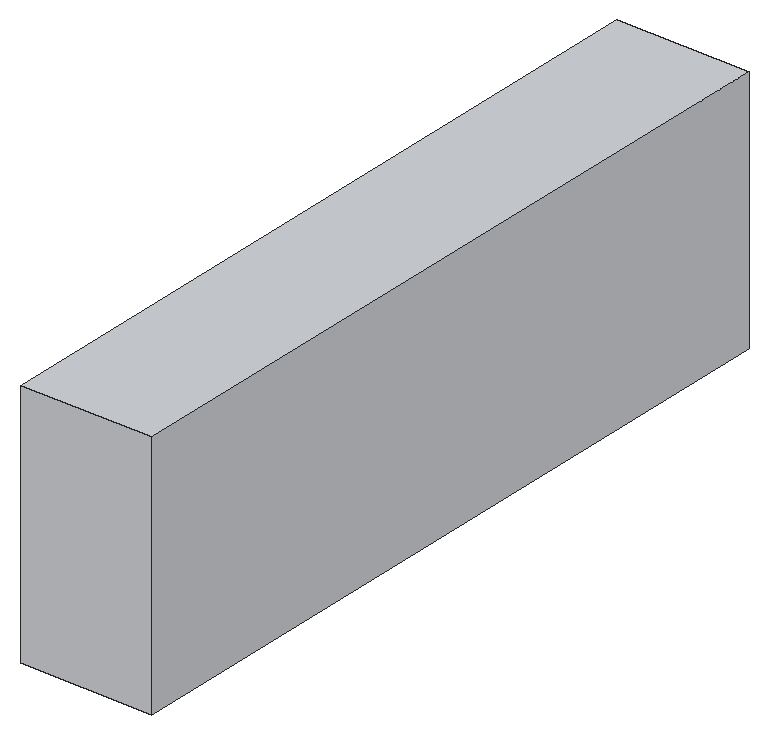
Revit family "M_Detector de fumaça de duto", category Acessórios de duto, Revit 2019
Family settings
  Cota do conector redondo = Utilizar diâmetro
  Tipo de parte = Anexa em
  Número OmniClass = 23.85.30.21.11.11.11
  Título OmniClass = Smoke Detectors
  ID de item do Seek = Duct Smoke Detector-0000-CAN-ENU
  Com base no plano de trabalho = Não
  Sempre na vertical = Sim
  Corte com vazios quando carregada = Não
  Compartilhado = Não
Parameters (values of type "Retangular")
  Largura = 375 mm
  Comprimento = 66 mm
  Legenda = "S"
  Altura = 125 mm
  Assembly Code = ""
Types (2, lengths in mm): name | Largura | Comprimento | Altura
  Retangular | 375 | 66 | 125
  Quadrado | 200 | 64 | 225
Reference planes
  plane 1 "Centro (Frente/Trás)": y = 0
  plane 2: z = 0
  plane 3 "Centro (Esquerda/Direita)": x = 0
  plane 4: x = 66
Forms (mm)
  Extrusion 1, solid
    sketch origin (0, 0, 0) x (0, 1, 0) y (0, 0, 1)
      loop
        line (187.5, 62.5) -> (-187.5, 62.5) -> (-187.5, -62.5) -> (187.5, -62.5) -> (187.5, 62.5)
    from 0 to 66
Lines and regions (mm)
  symbolic lines, detail levels fine
    curve 1: line (66, 187.5, 0) -> (0, 187.5, 0)
    curve 2: line (66, -187.5, 0) -> (66, 187.5, 0)
    curve 3: line (0, -187.5, 0) -> (66, -187.5, 0)
    curve 4: line (0, 187.5, 0) -> (0, -187.5, 0)
Dimensions and locks
  equal spacing: Extrusion 1 sketch curve, plane 1 "Centro (Frente/Trás)", Extrusion 1 sketch curve
  equal spacing: Extrusion 1 sketch curve, level, Extrusion 1 sketch curve
  "Altura": Extrusion 1 sketch curve to Extrusion 1 sketch curve
  "Largura": Extrusion 1 sketch curve to Extrusion 1 sketch curve
  "Comprimento": plane 4 to plane 3 "Centro (Esquerda/Direita)"
  aligned and locked: plane 4 to Extrusion 1
  aligned and locked: Extrusion 1 to plane 3 "Centro (Esquerda/Direita)"
  aligned and locked: curve 1 to Extrusion 1
  aligned and locked: curve 2 to Extrusion 1
  aligned and locked: curve 3 to Extrusion 1
  aligned and locked: curve 4 to Extrusion 1
  aligned and locked: plane 1 "Centro (Frente/Trás)" to nested 1
  aligned and locked: plane 3 "Centro (Esquerda/Direita)" to nested 1
Nested families
  nested 1: "M_Anotação do detector de duto" at (0, 0, 0), type "Anotação do detector de duto", detail levels coarse+medium
Connectors
  hvac at (0, 0, 0), driven by "Altura", driven by "Largura"
    settings: on Extrusion 1, index 0, duct flow 0.0 L/s, flow factor 0, pres drop 0.0 Pa, loss coef 0, conn angle 0.00°, conn width 375 mm, conn height 125 mm, conn diameter 609.6 mm, duct sys type 28, conn prof type 1, flow config 0, flow direction 0, loss method 0, conn ref index -1, conn util no, is conn primary yes, conn desc ""
  electrical at (66, 0, 0)
    settings: on Extrusion 1, index 1, voltage 0 V, apparent load 0 VA, apparent load phase1 0 VA, apparent load phase2 0 VA, apparent load phase3 0 VA, power factor 1, load classification "Outros", number of poles 1, system type 11, power factor state 1, is connector primary yes, connector utility no, sub classification motor no, connector description ""
Definition of nested family "M_Anotação do detector de duto"
  Parameters
    Anotação de legenda 2 = "D"
    Anotação de legenda 1 = "S"
  Reference planes
    plane 1: y = 0
    plane 2: x = 0
  Lines and regions (mm)
    reference lines
      curve 1: line (-15.09, 1.588, 0) -> (26.249, 1.587, 0)
      curve 8: line (10.9, 2.943, 0) -> (10.9, -3.655, 0)
    detail lines
      curve 2: line (0, 1.588, 0) -> (-1.375, 0.794, 0)
      curve 3: line (-1.375, 0.794, 0) -> (-1.375, -0.794, 0)
      curve 4: line (-1.375, -0.794, 0) -> (0, -1.588, 0)
      curve 5: line (0, -1.588, 0) -> (1.375, -0.794, 0)
      curve 6: line (1.375, -0.794, 0) -> (1.375, 0.794, 0)
      curve 7: line (1.375, 0.794, 0) -> (0, 1.588, 0)
      curve 9: line (1.375, 0.397, 0) -> (10.9, 0.397, 0)
      curve 10: line (1.375, -0.397, 0) -> (10.9, -0.397, 0)
  Text (mm)
    label "H" at (-1.017, -0.073, 0), shows "Anotação de legenda 1"
    label "D" at (1.374, -1.777, 0), shows "Anotação de legenda 2"
  Dimensions and locks
    locked: plane 1 to curve 1 at 1.588
    locked: curve 6 to curve 8 at 9.525
    locked: plane 1 to curve 9 at 0.397
    locked: curve 10 to curve 9 at 0.794
    aligned and locked: curve 8 to curve 9
    aligned and locked: curve 6 to curve 9
